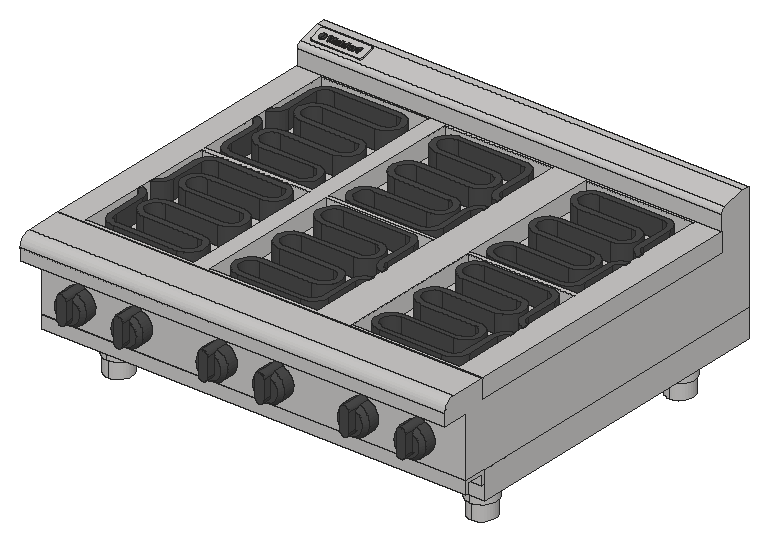
Revit family "QF_MOFFAT WALDORF_RNL8600E-B", category Specialty Equipment, Revit 2012 (continued)
Automatic sketch dimensions
  curve 58 to curve 158 = 26.5 mm
  curve 124 to curve 124 = 25.646 mm
  curve 89 to curve 90 = 25.646 mm
  curve 157 to curve 159 = 25.646 mm
  curve 88 to curve 88 = 27.7 mm
  curve 156 to curve 156 = 27.7 mm
  curve 122 to curve 122 = 27.7 mm
  curve 154 to curve 154 = 27.7 mm
  curve 120 to curve 120 = 27.7 mm
  curve 86 to curve 86 = 27.7 mm
  curve 86 to curve 92 = 13.184 mm
  curve 120 to curve 126 = 13.184 mm
  curve 154 to curve 160 = 13.184 mm
  curve 160 to curve 160 = 0.57 mm
  curve 126 to curve 126 = 0.57 mm
  curve 92 to curve 91 = 0.57 mm
  curve 152 to curve 152 = 27.7 mm
  curve 118 to curve 118 = 27.7 mm
  curve 84 to curve 84 = 27.7 mm
  curve 92 to curve 76 = 33.826 mm
  curve 160 to curve 144 = 33.826 mm
  curve 126 to curve 110 = 33.826 mm
  curve 110 to curve 111 = 24.689 mm
  curve 144 to curve 145 = 24.689 mm
  curve 76 to curve 77 = 24.689 mm
  curve 82 to curve 82 = 27.7 mm
  curve 116 to curve 116 = 27.7 mm
  curve 150 to curve 150 = 27.7 mm
  curve 146 to curve 146 = 26.704 mm
  curve 112 to curve 112 = 26.704 mm
  curve 162 to plane 8 "Center X" = 302.5 mm
  curve 163 to plane 8 "Center X" = 302.5 mm
  curve 165 to plane 8 "Center X" = 302.5 mm
  curve 112 to curve 107 = 28.0 mm
  curve 79 to curve 71 = 28.0 mm
  curve 72 to curve 73 = 25.646 mm
  curve 141 to curve 142 = 25.646 mm
  curve 107 to curve 108 = 25.646 mm
  curve 71 to curve 71 = 27.7 mm
  curve 105 to curve 105 = 27.7 mm
  curve 139 to curve 139 = 27.7 mm
  curve 137 to curve 137 = 27.7 mm
  curve 103 to curve 103 = 27.7 mm
  curve 69 to curve 69 = 27.7 mm
  curve 103 to curve 109 = 13.184 mm
  curve 69 to curve 75 = 13.184 mm
  curve 137 to curve 143 = 13.184 mm
  curve 75 to curve 74 = 0.57 mm
  curve 143 to curve 143 = 0.57 mm
  curve 109 to curve 108 = 0.57 mm
  curve 101 to curve 101 = 27.7 mm
  curve 67 to curve 67 = 27.7 mm
  curve 135 to curve 135 = 27.7 mm
  curve 75 to curve 59 = 33.826 mm
  curve 109 to curve 93 = 33.826 mm
  curve 143 to curve 127 = 33.826 mm
  curve 127 to curve 128 = 24.689 mm
  curve 59 to curve 60 = 24.689 mm
  curve 93 to curve 94 = 24.689 mm
  curve 99 to curve 99 = 27.7 mm
  curve 65 to curve 65 = 27.7 mm
  curve 133 to curve 133 = 27.7 mm
  curve 98 to curve 97 = 27.7 mm
  curve 132 to curve 131 = 27.7 mm
  curve 64 to curve 63 = 27.7 mm
  curve 61 to curve 62 = 26.704 mm
  curve 95 to curve 95 = 26.704 mm
  curve 129 to curve 129 = 26.704 mm
  curve 129 to curve 166 = 52.146 mm
  curve 95 to curve 164 = 26.5 mm
  curve 130 to curve 165 = 26.5 mm
  curve 57 to curve 161 = 0.0 mm
  curve 57 to curve 1 = 17.94 mm
  plane 1 "BACK" to curve 28 = 50.782 mm
  plane 1 "BACK" to curve 52 = 50.782 mm
  curve 2 to curve 5 = 1.278 mm
  curve 27 to curve 29 = 0.0 mm
  curve 7 to curve 9 = 0.0 mm
  curve 31 to curve 33 = 0.0 mm
  curve 10 to curve 13 = 0.0 mm
  curve 164 to curve 37 = 19.218 mm
  curve 163 to curve 17 = 19.218 mm
  curve 165 to curve 41 = 19.218 mm
  curve 18 to curve 21 = 0.0 mm
  curve 43 to curve 45 = 0.0 mm
  plane 1 "BACK" to curve 2 = 21.099 mm
  plane 1 "BACK" to curve 23 = 20.984 mm
  plane 1 "BACK" to curve 46 = 20.984 mm
  plane 1 "BACK" to curve 43 = 20.984 mm
  plane 1 "BACK" to curve 20 = 20.984 mm
  plane 1 "BACK" to curve 39 = 20.984 mm
  plane 1 "BACK" to curve 16 = 20.984 mm
  plane 1 "BACK" to curve 36 = 20.984 mm
  plane 1 "BACK" to curve 12 = 20.984 mm
  plane 1 "BACK" to curve 31 = 20.984 mm
  plane 1 "BACK" to curve 25 = 20.984 mm
  plane 1 "BACK" to curve 7 = 20.984 mm
  plane 1 "BACK" to curve 50 = 20.984 mm
  plane 8 "Center X" to curve 167 = 15.0 mm
  plane 8 "Center X" to curve 168 = 15.0 mm
  plane 8 "Center X" to curve 169 = 15.0 mm
  Extrusion 19 sketch curve to Extrusion 1 = 0.0 mm  (x2)
  Extrusion 1 to Extrusion 19 sketch curve = 0.0 mm
  Extrusion 19 sketch curve to Extrusion 1 = 6.75 mm  (x3)
  Extrusion 19 sketch curve to Extrusion 19 sketch curve = 306.95 mm
  Extrusion 1 to Extrusion 19 sketch curve = 54.0 mm  (x2)
  Extrusion 19 sketch curve to Extrusion 19 sketch curve = 0.0 mm  (x6)
  Extrusion 19 sketch curve to Extrusion 19 sketch curve = 7.6 mm  (x3)
  Extrusion 1 to Extrusion 19 sketch curve = 6.75 mm  (x3)
  Extrusion 1 to Extrusion 19 sketch curve = 1.0 mm
  Extrusion 19 sketch curve to Extrusion 19 sketch curve = 228.75 mm  (x3)
  Extrusion 19 sketch curve to Extrusion 19 sketch curve = 34.5 mm
  Extrusion 19 sketch curve to Extrusion 19 sketch curve = 71.25 mm  (x2)
  Extrusion 20 sketch curve to Extrusion 20 sketch curve = 0.0 mm  (x104)
  Extrusion 1 to Extrusion 20 sketch curve = 20.503 mm  (x3)
  Extrusion 20 sketch curve to Extrusion 20 sketch curve = 11.997 mm  (x6)
  Extrusion 20 sketch curve to Extrusion 20 sketch curve = 19.532 mm  (x6)
  Extrusion 20 sketch curve to Extrusion 20 sketch curve = 0.24 mm  (x6)
  Extrusion 20 sketch curve to Extrusion 20 sketch curve = 0.931 mm  (x9)
  Extrusion 20 sketch curve to Extrusion 20 sketch curve = 20.704 mm  (x9)
  Extrusion 20 sketch curve to Extrusion 20 sketch curve = 0.01 mm  (x6)
  Extrusion 20 sketch curve to Extrusion 20 sketch curve = 21.7 mm  (x30)
  Extrusion 20 sketch curve to Extrusion 20 sketch curve = 0.002 mm  (x6)
  Extrusion 20 sketch curve to Extrusion 20 sketch curve = 70.811 mm  (x6)
  Extrusion 20 sketch curve to Extrusion 20 sketch curve = 0.447 mm  (x6)
  Extrusion 20 sketch curve to Extrusion 20 sketch curve = 0.12 mm  (x6)
  Extrusion 20 sketch curve to Extrusion 20 sketch curve = 19.01 mm  (x6)
  Extrusion 20 sketch curve to Extrusion 20 sketch curve = 12.303 mm  (x6)
  Extrusion 20 sketch curve to Extrusion 20 sketch curve = 21.593 mm  (x6)
  Extrusion 20 sketch curve to Extrusion 20 sketch curve = 12.315 mm  (x6)
  Extrusion 20 sketch curve to Extrusion 20 sketch curve = 18.52 mm  (x6)
  Extrusion 20 sketch curve to Extrusion 20 sketch curve = 0.133 mm  (x6)
  Extrusion 20 sketch curve to Extrusion 20 sketch curve = 0.5 mm  (x3)
  Extrusion 20 sketch curve to Extrusion 20 sketch curve = 19.152 mm  (x3)
  Extrusion 20 sketch curve to Extrusion 20 sketch curve = 0.239 mm  (x6)
  Extrusion 20 sketch curve to Extrusion 20 sketch curve = 16.003 mm  (x3)
  Extrusion 1 to Extrusion 20 sketch curve = 48.333 mm  (x2)
  Extrusion 1 to Extrusion 20 sketch curve = 48.512 mm  (x2)
  Extrusion 20 sketch curve to Extrusion 20 sketch curve = 0.004 mm  (x2)
  Extrusion 20 sketch curve to Extrusion 20 sketch curve = 5.484 mm  (x2)
  Extrusion 20 sketch curve to Extrusion 20 sketch curve = 5.667 mm  (x2)
  Extrusion 20 sketch curve to Extrusion 20 sketch curve = 20.701 mm  (x4)
  Extrusion 20 sketch curve to Extrusion 20 sketch curve = 0.001 mm  (x6)
  Extrusion 20 sketch curve to Extrusion 20 sketch curve = 41.7 mm  (x2)
  Extrusion 20 sketch curve to Extrusion 20 sketch curve = 20.999 mm
  Extrusion 20 sketch curve to Extrusion 20 sketch curve = 112.6 mm  (x5)
  Extrusion 20 sketch curve to Extrusion 20 sketch curve = 130.8 mm  (x2)
  Extrusion 20 sketch curve to Extrusion 20 sketch curve = 19.862 mm  (x4)
  Extrusion 20 sketch curve to Extrusion 20 sketch curve = 0.032 mm  (x2)
  Extrusion 20 sketch curve to Extrusion 20 sketch curve = 19.894 mm  (x2)
  Extrusion 20 sketch curve to Extrusion 20 sketch curve = 0.226 mm  (x4)
  Extrusion 20 sketch curve to Extrusion 20 sketch curve = 0.258 mm  (x4)
  Extrusion 20 sketch curve to Extrusion 20 sketch curve = 0.879 mm  (x8)
  Extrusion 20 sketch curve to Extrusion 20 sketch curve = 14.293 mm
  Extrusion 20 sketch curve to Extrusion 20 sketch curve = 133.7 mm
  Extrusion 20 sketch curve to Extrusion 20 sketch curve = 133.693 mm  (x2)
  radius of Extrusion 6 sketch curve = 13.5 mm
Nested families
  nested 1: "WALDORF LOGO" at (12.5, -36.099, 347.877), visible <- "Show Logo", type "WALDORF LOGO", detail levels medium+fine
    with Type Mark "", Status "", Specification by User "", Show Logo yes, Revision Code "", Item Number "", Installed By "", Identify Quantity as Lot yes, Furnished By "", Foodservice Equipment Identifier yes
Connectors
  electrical at (770, -32, 110), driven by "Volts", driven by "Watts"
    settings: on cut or joined group of Extrusion 1, Extrusion 6, index 1, voltage 415 V, apparent load 14400 VA, apparent load phase1 0 VA, apparent load phase2 0 VA, apparent load phase3 0 VA, power factor 1, load classification "Other", number of poles 1, system type 30, power factor state 1, is connector primary yes, connector utility no, sub classification motor no, connector description "ELECTRICAL CONNECTION"
Definition of nested family "WALDORF LOGO"
  Parameters (values of type "WALDORF LOGO")
    Weight in Pounds = 0
    URL Cutsheet = ""
    Type Mark [instance] = ""
    Status [instance] = ""
    Specification by User [instance] = ""
    Specification by Manufacturer = ""
    Show Logo [instance] = yes
    Serial Number = ""
    Seismic Rating = ""
    SMACNA No = ""
    Revision Code [instance] = ""
    Omniclass Number and Title = ""
    NAFEM Spec ID Number = ""
    Masterspec = ""
    Item Number [instance] = ""
    Installed By [instance] = ""
    Identify Quantity as Lot [instance] = yes
    Furnished By [instance] = ""
    Foodservice Equipment Identifier [instance] = yes
    CSI MasterFormat = ""
    CSI Master Format = ""
  Reference planes
    plane 1 "BACK": y = 0
    plane 2: z = 0
    plane 3 "LEFT": x = 0
    plane 4 "RIGHT": x = 109
    plane 5 "FRONT": y = -1.588
    plane 6 "TOP": z = 34.14
    plane 7 "Center Y": x = 54.5
    plane 8 "Center X": y = -0.794
  Forms (mm)
    Extrusion 1, solid, material "QF_Finishes_Stainless Steel", visible <- "Show Logo"
      sketch origin (0, -17.078, 11.729) x (1, 0, 0) y (0, 0.964546, 0.263916)
        loop
          arc (5, 34.14) -> (1.464, 32.676) -> (0, 29.14) r 5
          line (0, 29.14) -> (0, 5)
          arc (0, 5) -> (1.464, 1.464) -> (5, 0) r 5
          line (5, 0) -> (104, 0)
          arc (104, 0) -> (107.536, 1.464) -> (109, 5) r 5
          line (109, 5) -> (109, 29.14)
          arc (109, 29.14) -> (107.536, 32.676) -> (104, 34.14) r 5
          line (104, 34.14) -> (5, 34.14)
      from 0 to 1.588
    Extrusion 2, solid, material "QF_Finishes_Black", visible <- "Show Logo"
      sketch origin (0, -17.497, 13.26) x (1, 0, 0) y (0, 0.964546, 0.263916)
        loop
          line (24.772, 23.214) -> (27.992, 10.301) -> (31.551, 10.301) -> (33.443, 17.364) -> (35.205, 10.301) -> (39.332, 10.301) -> (42.077, 23.214) -> (38.352, 23.214) -> (36.676, 15.33) -> (35, 23.214) -> (31.752, 23.214) -> (30.076, 15.33) -> (28.4, 23.214) -> (24.772, 23.214)
        loop
          line (42.272, 17.055) -> (45.703, 17.055)
          spline (45.703, 17.055) -> (45.741, 17.285) -> (45.852, 17.499) -> (46.028, 17.682) -> (46.258, 17.823) -> (46.526, 17.912) -> (46.813, 17.942) -> (47.1, 17.912) -> (47.368, 17.823) -> (47.597, 17.682) -> (47.774, 17.499) -> (47.884, 17.285) -> (47.922, 17.055)
          line (47.922, 17.055) -> (47.922, 16.222)
          arc (47.922, 16.222) -> (45.742, 16.014) -> (43.665, 15.317) r 9.604
          arc (43.665, 15.317) -> (41.924, 12.809) -> (43.665, 10.301) r 2.677
          arc (43.665, 10.301) -> (45.527, 10.353) -> (47.332, 10.816) r 8.365
          line (47.332, 10.816) -> (48.092, 11.105) -> (48.092, 10.301) -> (51.817, 10.301) -> (51.817, 17.055)
          spline (51.817, 17.055) -> (51.654, 17.821) -> (51.178, 18.535) -> (50.419, 19.148) -> (49.431, 19.619) -> (48.28, 19.914) -> (47.044, 20.015) -> (45.809, 19.914) -> (44.658, 19.619) -> (43.67, 19.148) -> (42.911, 18.535) -> (42.434, 17.821) -> (42.272, 17.055)
        loop
          line (53.151, 23.214) -> (53.151, 10.301) -> (57.37, 10.301) -> (57.37, 23.214) -> (53.151, 23.214)
        loop
          line (64.874, 23.214) -> (64.874, 18.857)
          arc (64.874, 18.857) -> (58.083, 15.11) -> (64.874, 11.363) r 4.429
          line (64.874, 11.363) -> (64.874, 10.301) -> (68.378, 10.301) -> (68.378, 23.214) -> (64.874, 23.214)
        loop
          arc (64.874, 16.083) -> (61.41, 14.987) -> (64.874, 13.891) r 1.905
          line (64.874, 13.891) -> (64.874, 16.083)
        loop
          circle (74.623, 15.223) r 5
        loop
          spline (74.623, 17.856) -> (74.355, 17.766) -> (74.105, 17.503) -> (73.891, 17.084) -> (73.726, 16.539) -> (73.623, 15.904) -> (73.588, 15.223) -> (73.623, 14.541) -> (73.726, 13.906) -> (73.891, 13.361) -> (74.105, 12.942) -> (74.355, 12.679) -> (74.623, 12.59)
          spline (74.623, 12.59) -> (74.891, 12.679) -> (75.141, 12.942) -> (75.355, 13.361) -> (75.52, 13.906) -> (75.623, 14.541) -> (75.659, 15.223) -> (75.623, 15.904) -> (75.52, 16.539) -> (75.355, 17.084) -> (75.141, 17.503) -> (74.891, 17.766) -> (74.623, 17.856)
        loop
          line (81.255, 19.813) -> (81.255, 10.301) -> (84.834, 10.301) -> (84.834, 14.176)
          arc (84.834, 14.176) -> (85.854, 16.093) -> (88.013, 16.32) r 2.313
          line (88.013, 16.32) -> (88.013, 19.813) -> (87.161, 19.813)
          arc (87.161, 19.813) -> (85.526, 19.266) -> (84.549, 17.844) r 2.717
          line (84.549, 17.844) -> (84.549, 19.813) -> (81.255, 19.813)
        loop
          line (90.249, 19.813) -> (88.91, 19.813) -> (88.91, 17.614) -> (90.249, 17.614) -> (90.249, 10.301) -> (93.998, 10.301) -> (93.998, 17.614) -> (95.418, 17.614) -> (95.418, 19.813) -> (93.998, 19.813)
          arc (93.998, 19.813) -> (94.414, 20.817) -> (95.418, 21.233) r 1.42
          line (95.418, 21.233) -> (95.418, 23.602) -> (93.317, 23.602)
          arc (93.317, 23.602) -> (91.343, 22.903) -> (90.249, 21.118) r 3.137
          line (90.249, 21.118) -> (90.249, 19.813)
        loop
          arc (15.241, 23.571) -> (8.392, 16.525) -> (15.241, 9.479) r 7.049
          line (15.241, 9.479) -> (15.241, 23.571)
        loop
          line (15.641, 23.571) -> (15.641, 9.479)
          arc (15.641, 9.479) -> (22.49, 16.525) -> (15.641, 23.571) r 7.049
        loop
          arc (47.922, 14.711) -> (46.266, 13.749) -> (47.922, 12.787) r 1.107
          line (47.922, 12.787) -> (47.922, 14.711)
      from 0 to 0.2
  Dimensions and locks
    equal spacing: plane 3 "LEFT", plane 7 "Center Y", plane 4 "RIGHT"
    plane 3 "LEFT" to plane 4 "RIGHT" = 109.0 mm
    equal spacing: plane 5 "FRONT", plane 8 "Center X", plane 1 "BACK"
    plane 5 "FRONT" to plane 1 "BACK" = 1.588 mm
    aligned and locked: level to plane 2
  Automatic sketch dimensions
    Extrusion 1 sketch curve to plane 3 "LEFT" = 0.0 mm
    Extrusion 1 sketch curve to plane 4 "RIGHT" = 0.0 mm
    plane 3 "LEFT" to Extrusion 1 sketch curve = 5.0 mm  (x2)
    plane 4 "RIGHT" to Extrusion 1 sketch curve = 5.0 mm
    Extrusion 1 sketch curve to Extrusion 1 sketch curve = 5.0 mm
    Extrusion 1 sketch curve to Extrusion 1 sketch curve = 24.14 mm
    Extrusion 2 sketch curve to Extrusion 2 sketch curve = 0.0 mm  (x14)
    Extrusion 2 sketch curve to Extrusion 1 = 15.241 mm
    Extrusion 2 sketch curve to Extrusion 2 sketch curve = 0.2 mm
    Extrusion 2 sketch curve to Extrusion 2 sketch curve = 0.4 mm
    Extrusion 2 sketch curve to Extrusion 2 sketch curve = 9.131 mm
    Extrusion 2 sketch curve to Extrusion 1 = 10.301 mm  (x2)
    Extrusion 2 sketch curve to Extrusion 2 sketch curve = 12.351 mm
    Extrusion 2 sketch curve to Extrusion 2 sketch curve = 3.628 mm
    Extrusion 2 sketch curve to Extrusion 2 sketch curve = 2.084 mm
    Extrusion 2 sketch curve to Extrusion 2 sketch curve = 3.559 mm
    Extrusion 2 sketch curve to Extrusion 1 = 10.926 mm  (x2)
    Extrusion 2 sketch curve to Extrusion 2 sketch curve = 3.352 mm  (x2)
    Extrusion 2 sketch curve to Extrusion 2 sketch curve = 3.367 mm
    Extrusion 2 sketch curve to Extrusion 2 sketch curve = 3.249 mm
    Extrusion 2 sketch curve to Extrusion 2 sketch curve = 3.654 mm
    Extrusion 2 sketch curve to Extrusion 1 = 15.33 mm
    Extrusion 2 sketch curve to Extrusion 2 sketch curve = 3.233 mm
    Extrusion 2 sketch curve to Extrusion 2 sketch curve = 4.128 mm
    Extrusion 2 sketch curve to Extrusion 2 sketch curve = 3.725 mm
    Extrusion 2 sketch curve to Extrusion 2 sketch curve = 5.596 mm
    Extrusion 2 sketch curve to Extrusion 2 sketch curve = 4.333 mm
    Extrusion 2 sketch curve to Extrusion 2 sketch curve = 1.394 mm
    Extrusion 2 sketch curve to Extrusion 2 sketch curve = 2.092 mm
    Extrusion 2 sketch curve to Extrusion 2 sketch curve = 0.936 mm
    Extrusion 2 sketch curve to Extrusion 2 sketch curve = 1.34 mm
    Extrusion 2 sketch curve to Extrusion 2 sketch curve = 1.109 mm
    Extrusion 2 sketch curve to Extrusion 2 sketch curve = 0.232 mm
    Extrusion 2 sketch curve to Extrusion 2 sketch curve = 2.731 mm
    Extrusion 2 sketch curve to Extrusion 2 sketch curve = 0.549 mm  (x2)
    Extrusion 2 sketch curve to Extrusion 2 sketch curve = 0.407 mm
    Extrusion 2 sketch curve to Extrusion 2 sketch curve = 0.76 mm
    Extrusion 2 sketch curve to Extrusion 2 sketch curve = 1.334 mm
    Extrusion 2 sketch curve to Extrusion 2 sketch curve = 4.219 mm
    Extrusion 2 sketch curve to Extrusion 2 sketch curve = 5.142 mm
    Extrusion 2 sketch curve to Extrusion 2 sketch curve = 0.803 mm
    Extrusion 2 sketch curve to Extrusion 2 sketch curve = 1.558 mm
    Extrusion 2 sketch curve to Extrusion 2 sketch curve = 3.504 mm
    Extrusion 2 sketch curve to Extrusion 2 sketch curve = 6.245 mm
    Extrusion 2 sketch curve to Extrusion 2 sketch curve = 6.632 mm
    Extrusion 2 sketch curve to Extrusion 2 sketch curve = 3.294 mm
    Extrusion 2 sketch curve to Extrusion 2 sketch curve = 3.579 mm
    Extrusion 2 sketch curve to Extrusion 2 sketch curve = 2.313 mm
    Extrusion 2 sketch curve to Extrusion 2 sketch curve = 2.612 mm
    Extrusion 2 sketch curve to Extrusion 2 sketch curve = 0.852 mm
    Extrusion 2 sketch curve to Extrusion 2 sketch curve = 0.897 mm
    Extrusion 2 sketch curve to Extrusion 2 sketch curve = 3.102 mm
    Extrusion 2 sketch curve to Extrusion 2 sketch curve = 1.338 mm
    Extrusion 2 sketch curve to Extrusion 2 sketch curve = 3.068 mm
    Extrusion 2 sketch curve to Extrusion 2 sketch curve = 0.681 mm
    Extrusion 2 sketch curve to Extrusion 2 sketch curve = 3.749 mm
    Extrusion 2 sketch curve to Extrusion 2 sketch curve = 1.42 mm
    Extrusion 2 sketch curve to Extrusion 2 sketch curve = 5.029 mm  (x2)
    Extrusion 2 sketch curve to Extrusion 1 = 9.479 mm
    Extrusion 2 sketch curve to Extrusion 2 sketch curve = 3.681 mm
    Extrusion 2 sketch curve to Extrusion 2 sketch curve = 0.515 mm
    Extrusion 2 sketch curve to Extrusion 2 sketch curve = 0.804 mm
    Extrusion 2 sketch curve to Extrusion 2 sketch curve = 1.062 mm
    Extrusion 2 sketch curve to Extrusion 2 sketch curve = 1.682 mm
    Extrusion 2 sketch curve to Extrusion 2 sketch curve = 2.508 mm
    Extrusion 2 sketch curve to Extrusion 2 sketch curve = 0.962 mm
    Extrusion 2 sketch curve to Extrusion 2 sketch curve = 2.528 mm
    Extrusion 2 sketch curve to Extrusion 2 sketch curve = 3.875 mm
    Extrusion 2 sketch curve to Extrusion 2 sketch curve = 1.096 mm
    Extrusion 2 sketch curve to Extrusion 2 sketch curve = 0.123 mm
    Extrusion 2 sketch curve to Extrusion 2 sketch curve = 4.922 mm
    Extrusion 2 sketch curve to Extrusion 2 sketch curve = 7.046 mm
    Extrusion 2 sketch curve to Extrusion 2 sketch curve = 0.833 mm
    Extrusion 2 sketch curve to Extrusion 2 sketch curve = 0.776 mm
    Extrusion 2 sketch curve to Extrusion 2 sketch curve = 2.034 mm
    Extrusion 2 sketch curve to Extrusion 2 sketch curve = 7.314 mm
    Extrusion 2 sketch curve to Extrusion 2 sketch curve = 1.295 mm
    Extrusion 2 sketch curve to Extrusion 2 sketch curve = 0.749 mm
    Extrusion 2 sketch curve to Extrusion 2 sketch curve = 2.633 mm
    Extrusion 2 sketch curve to Extrusion 2 sketch curve = 2.198 mm  (x2)
    Extrusion 2 sketch curve to Extrusion 2 sketch curve = 1.968 mm
    Extrusion 2 sketch curve to Extrusion 2 sketch curve = 0.653 mm
    Extrusion 2 sketch curve to Extrusion 2 sketch curve = 1.305 mm
    Extrusion 2 sketch curve to Extrusion 2 sketch curve = 4.357 mm
    Extrusion 2 sketch curve to Extrusion 2 sketch curve = 6.159 mm
    radius of Extrusion 2 sketch curve = 5.0 mm
